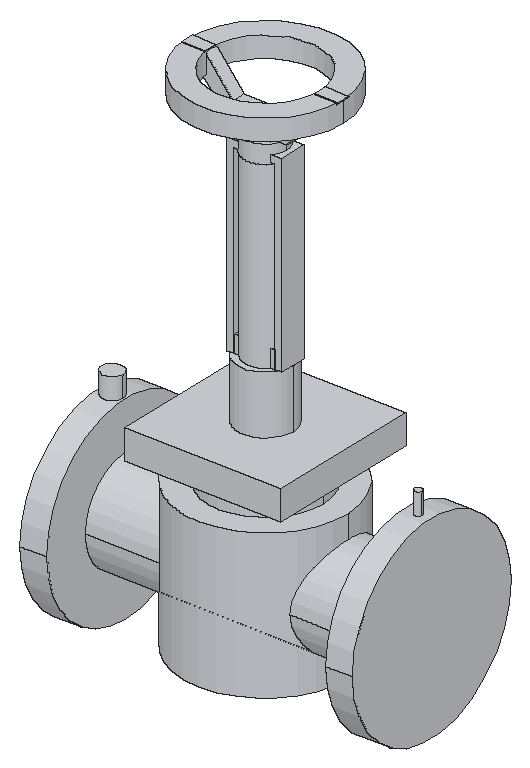
Revit family "Sigma_Compact_DN150-HF_PN16_RFA_2019", category Pipe Accessories, Revit 2019
Family settings
  Round Connector Dimension = Use Diameter
  Part Type = Valve - Breaks Into
  Work Plane-Based = No
  Always vertical = Yes
  Cut with Voids When Loaded = No
  Shared = No
Parameters (values of type "Sigma Compact DN 150 HF PN16")
  magiProductId = "2e5d0064e2dd45fa818d7fb779c9a5"
  magiProductFamilyId = "01495da7eb234de3883c6bc9c8853e"
  magiPartTypeId = 304
  isMeasuringValve [instance] = no
  ang2D [instance] = 0.00°
  W2D = 50 mm
  VersionID = "2.0/2018.12.13.2/FRESE_SIGMA_C_BIG_Q13_001"
  Use Minimum Symbol Size [instance] = no
  URL = "www.hydronix.cz"
  Type Comments = "přírubový; PN16; max dp=800kPa; 0~+110°C; max uzavírací tlak 1MPa"
  R4 = 84 mm
  R3 = 74.1 mm
  R1 = 120 mm
  QmdConnectorList = "301;D;302;D"
  Productdata [instance] = ""
  Manufacturer = "Hydronix"
  Maintenance Zone Under Depth [instance] = 100 mm
  Maintenance Zone Right Depth [instance] = 100 mm
  Maintenance Zone Over Depth [instance] = 100 mm
  Maintenance Zone Left Depth [instance] = 100 mm
  Maintenance Zone Front Depth [instance] = 100 mm
  Maintenance Zone Back Depth [instance] = 100 mm
  Maintenance Zone Front Visibility [instance] = no
  MC Use Limits From Balancing Method = no
  MC Throttling Minimum Value = 0
  MC Throttling Maximum Value = 0
  MC Product Code = "53-2415 DN150; PN16; (32000-195000 l/h); kvs=242"
  MC Pressure Drop Minimum Value = 0.0 Pa
  MC Pressure Drop Maximum Value = 0.0 Pa
  MC Piping Given Pressure Drop [instance] = 0.0 Pa
  LF__ve = -LF  # -38.4 mm
  LF2 = 19.2 mm
  LF = 38.4 mm
  L432 = 39.48 mm
  L43 = 78.96 mm
  L42 = 112.8 mm
  L4 = 225.6 mm
  L3 = 403.2 mm
  L2D_Min = 30.48 mm
  L2D = 230 mm
  L2 = 240 mm
  HH12 = 13 mm
  HH1 = 26 mm
  HDF__ve = -HDF  # -391 mm
  HDF = 391 mm
  H6 = 85 mm
  H4 = 42.75 mm
  H3 = 35.625 mm
  H2 = 106.875 mm
  H11 = 213.75 mm
  H1 = 782 mm
  H = 676 mm
  Description = "Automatický vyvažovací ventil"
  DF2 = 142.5 mm
  D = 150 mm
  Clearance Zone Height Depth [instance] = 100 mm
  Clearance Zone Circular Radius [instance] = 240 mm
  Clearance Zone Visibility [instance] = no
  CAT0 = yes
Types (9, lengths in mm): name | magiProductId | Type Comments | R4 | R3 | R1 | MC Product Code | LF__ve | LF2 | LF | L432 | L43 | L42 | L4 | L3 | L2 | HH12 | HH1 | HDF__ve | HDF | H4 | H3 | H2 | H11 | H1 | H | DF2 | D | Clearance Zone Circular Radius
  Sigma Compact DN 050 HF PN16 | "68e8ec0e285d475ea5c3f8787337ca" | "přírubový; PN16; max dp=800kPa; 0~+120°C; max uzavírací tlak 1MPa" | 40.25 | 42.9 | 57.5 | "53-2410 DN50; PN16; (3920-24000 l/h); kvs=34" | -18.4 | 9.2 | 18.4 | 18.917 | 37.835 | 54.05 | 108.1 | 193.2 | 115 | 16.5 | 33 | -202 | 202 | 24.75 | 20.625 | 61.875 | 123.75 | 480 | 367 | 82.5 | 50 | 115
  Sigma Compact DN 065 HF PN16 | "93d22af618bf47d6be13ef3bd41a97" | "přírubový; PN16; max dp=800kPa; 0~+120°C; max uzavírací tlak 1MPa" | 50.75 | 48.1 | 72.5 | "53-2411 DN65; PN16; (5950-35000 l/h); kvs=47" | -23.2 | 11.6 | 23.2 | 23.853 | 47.705 | 68.15 | 136.3 | 243.6 | 145 | 16.5 | 33 | -199 | 199 | 27.75 | 23.125 | 69.375 | 138.75 | 497 | 384 | 92.5 | 65 | 145
  Sigma Compact DN 080 HF PN16 | "30d16928369c437789493110503824" | "přírubový; PN16; max dp=800kPa; 0~+120°C; max uzavírací tlak 1MPa" | 54.25 | 52 | 77.5 | "53-2412 DN80; PN16; (7020-43000 l/h); kvs=61" | -24.8 | 12.4 | 24.8 | 25.497 | 50.995 | 72.85 | 145.7 | 260.4 | 155 | 16.5 | 33 | -213 | 213 | 30 | 25 | 75 | 150 | 526 | 413 | 100 | 80 | 155
  Sigma Compact DN 100 HF PN16 | "cbc2fc0a341c4a2b87b0bcbf79c376" | "přírubový; PN16; max dp=800kPa; 0~+120°C; max uzavírací tlak 1MPa" | 61.25 | 61.1 | 87.5 | "53-2413 DN100; PN16; (14800-90000 l/h); kvs=104" | -28 | 14 | 28 | 28.788 | 57.575 | 82.25 | 164.5 | 294 | 175 | 34 | 68 | -331 | 331 | 35.25 | 29.375 | 88.125 | 176.25 | 714 | 566 | 117.5 | 100 | 175
  Sigma Compact DN 125 HF PN16 | "02452206f7594718b3d97e4e693144" | "přírubový; PN16; max dp=800kPa; 0~+120°C; max uzavírací tlak 1MPa" | 70 | 70.2 | 100 | "53-2414 DN125; PN16; (23000-135000 l/h); kvs=185" | -32 | 16 | 32 | 32.9 | 65.8 | 94 | 188 | 336 | 200 | 36.5 | 73 | -338 | 338 | 40.5 | 33.75 | 101.25 | 202.5 | 761 | 608 | 135 | 125 | 200
  Sigma Compact DN 150 HF PN16 | "2e5d0064e2dd45fa818d7fb779c9a5" | "přírubový; PN16; max dp=800kPa; 0~+110°C; max uzavírací tlak 1MPa" | 84 | 74.1 | 120 | "53-2415 DN150; PN16; (32000-195000 l/h); kvs=242" | -38.4 | 19.2 | 38.4 | 39.48 | 78.96 | 112.8 | 225.6 | 403.2 | 240 | 13 | 26 | -391 | 391 | 42.75 | 35.625 | 106.875 | 213.75 | 782 | 676 | 142.5 | 150 | 240
  Sigma Compact DN 200 HF PN16 | "9690c155034b41f3a54554dedb5edf" | "přírubový; PN16; max dp=800kPa; 0~+110°C; max uzavírací tlak 1MPa" | 105 | 98.8 | 150 | "53-2416 DN200; PN16; (130000-280000 l/h); kvs=317" | -48 | 24 | 48 | 49.35 | 98.7 | 141 | 282 | 504 | 300 | 29.5 | 59 | -334 | 334 | 57 | 47.5 | 142.5 | 285 | 853 | 714 | 190 | 200 | 300
  Sigma Compact DN 250 HF PN16 | "baee3668eb0d4f168225ec1ed946f7" | "přírubový; PN16; max dp=800kPa; 0~+110°C; max uzavírací tlak 1MPa" | 127.75 | 115.44 | 182.5 | "53-2417 DN250; PN16; (245000-600000 l/h); kvs=717" | -58.4 | 29.2 | 58.4 | 60.042 | 120.085 | 171.55 | 343.1 | 613.2 | 365 | 29 | 58 | -462 | 462 | 66.6 | 55.5 | 166.5 | 333 | 1044 | 906 | 222 | 250 | 365
  Sigma Compact DN 300 HF PN16 | "f903017b03a74a7ebca8b59c0516bf" | "přírubový; PN16; max dp=800kPa; 0~+110°C; max uzavírací tlak 1MPa" | 148.75 | 135.2 | 212.5 | "53-2418 DN300; PN16; (245000-600000 l/h); kvs=717" | -68 | 34 | 68 | 69.912 | 139.825 | 199.75 | 399.5 | 714 | 425 | 29 | 58 | -424 | 424 | 78 | 65 | 195 | 390 | 1082 | 944 | 260 | 300 | 425
Reference planes
  plane 1 "Center (Front/Back)": y = 0
  plane 2 "XYPLANE": z = 0
  plane 3 "Center (Left/Right)": x = 0
  plane 4 "298": y = -242.5
  plane 5 "297": y = 242.5
  plane 6 "296": y = -142.5
  plane 7 "295": y = 142.5
  plane 8 "294": z = -242.5
  plane 9 "293": z = 739.5
  plane 10 "292": x = -340
  plane 11 "291": x = 340
  plane 12 "290": z = 739.5
  plane 13 "256": y = -20
  plane 14 "254": z = 536.5
  plane 15 "253": z = 546.5
  plane 16 "252": x = -40
  plane 17 "251": x = -30
  plane 18 "250": x = 40
  plane 19 "249": x = 30
  plane 20 "247": z = 270.25
  plane 21 "244": z = 533.5
  plane 22 "243": x = 112.8
  plane 23 "242": x = 78.96
  plane 24 "241": x = 39.48
  plane 25 "240": y = -10
  plane 26 "238": x = -39.48
  plane 27 "237": x = -78.96
  plane 28 "236": z = 559.5
  plane 29 "235": z = 589.5
  plane 30 "234": x = -112.8
  plane 31 "225": z = 639.5
  plane 32 "224": z = -142.5
  plane 33 "157": x = 220.8
  plane 34 "156": x = -220.8
  plane 35 "155": z = 142.5
  plane 36 "154": z = 185.25
  plane 37 "153": z = 142.5
  plane 38 "152": z = 106.875
  plane 39 "151": x = -201.6
  plane 40 "150": z = -106.875
  plane 41 "149": x = 0
  plane 42 "148": y = 0
  plane 43 "147": z = 0
  plane 44 "146": x = -240
  plane 45 "145": x = 240
Forms (mm)
  Blend 1, solid, visible <- "Maintenance Zone Front Visibility"
    base sketch origin (-750, 0, 739.5) x (1, 0, 0) y (0, 1, 0)
      loop
        line (410, 242.5) -> (410, -242.5) -> (1090, -242.5) -> (1090, 242.5) -> (410, 242.5)
    top sketch origin (-750, 0, 739.5) x (1, 0, 0) y (0, 1, 0)
      loop
        line (410, 242.5) -> (410, -242.5) -> (1090, -242.5) -> (1090, 242.5) -> (410, 242.5)
    from 0 to -982
  Blend 2, solid, visible <- "Clearance Zone Visibility"
    base sketch origin (-750, 0, 0) x (1, 0, 0) y (0, 1, 0)
      loop
        circle (750, 0) r 240
    top sketch origin (-750, 0, 0) x (1, 0, 0) y (0, 1, 0)
      loop
        circle (750, 0) r 240
    from 0 to 739.5
  Extrusion 3, solid
    sketch origin (-750, 0, 533.5) x (1, 0, 0) y (0, 1, 0)
      loop
        circle (750, 0) r 30.562
    from 0 to -391 <- "HDF__ve"
  Extrusion 4, solid
    sketch origin (-750, 0, 270.25) x (1, 0, 0) y (0, 1, 0)
      loop
        line (780, 20) -> (720, 20) -> (720, -20) -> (780, -20) -> (780, 20)
    from 0 to 25
  Extrusion 5, solid
    sketch origin (750, -20, 0) x (-1, 0, 0) y (0, 0, 1)
      loop
        line (790, 270.25) -> (790, 546.5) -> (710, 546.5) -> (710, 270.25) -> (720, 270.25) -> (720, 536.5) -> (780, 536.5) -> (780, 270.25) -> (790, 270.25)
    from 0 to 40
  Extrusion 6, solid
    sketch origin (-750, 0, 270.25) x (1, 0, 0) y (0, 1, 0)
      loop
        circle (750, 0) r 25
    from 0 to 30
  Extrusion 7, solid
    sketch origin (750, -10, 0) x (-1, 0, 0) y (0, 0, 1)
      loop
        line (828.96, 639.5) -> (789.48, 589.5) -> (750, 589.5) -> (750, 559.5) -> (789.48, 559.5) -> (862.8, 639.5) -> (828.96, 639.5)
    from 0 to 20
  Extrusion 8, solid
    sketch origin (750, -10, 0) x (-1, 0, 0) y (0, 0, 1)
      loop
        line (671.04, 639.5) -> (637.2, 639.5) -> (710.52, 559.5) -> (750, 559.5) -> (750, 589.5) -> (710.52, 589.5) -> (671.04, 639.5)
    from 0 to 20
  Extrusion 9, solid
    sketch origin (-750, 0, 533.5) x (1, 0, 0) y (0, 1, 0)
      loop
        circle (750, 0) r 30.562
    from 0 to 26 <- "HH1"
  Extrusion 10, solid
    sketch origin (-750, 0, 639.5) x (1, 0, 0) y (0, 1, 0)
      loop
        circle (750, 0) r 112.8
      loop
        circle (750, 0) r 78.96
    from 0 to -30
  Extrusion 11, solid, visible <- "CAT0"
    sketch origin (-750, 0, 142.5) x (1, 0, 0) y (0, 1, 0)
      loop
        circle (970.8, 0) r 5.5
    from 0 to 30
  Extrusion 12, solid, visible <- "CAT0"
    sketch origin (-750, 0, 142.5) x (1, 0, 0) y (0, 1, 0)
      loop
        circle (529.2, 0) r 15.5
    from 0 to 30
  Extrusion 13, solid, visible <- "CAT0"
    sketch origin (-750, 0, 185.25) x (1, 0, 0) y (0, 1, 0)
      loop
        circle (750, 0) r 40.562
    from 0 to 85 <- "H6"
  Extrusion 14, solid, visible <- "CAT0"
    sketch origin (-750, 0, 142.5) x (1, 0, 0) y (0, 1, 0)
      loop
        line (862.8, 112.8) -> (637.2, 112.8) -> (637.2, -112.8) -> (862.8, -112.8) -> (862.8, 112.8)
    from 0 to 42.75 <- "H4"
  Extrusion 15, solid, visible <- "CAT0"
    sketch origin (-750, 0, 106.875) x (1, 0, 0) y (0, 1, 0)
      loop
        circle (750, 0) r 84
    from 0 to 35.625 <- "H3"
  Extrusion 16, solid, visible <- "CAT0"
    sketch origin (-201.6, -750, 0) x (0, 1, 0) y (0, 0, 1)
      loop
        circle (750, 0) r 74.1
    from 0 to 403.2 <- "L3"
  Extrusion 17, solid, visible <- "CAT0"
    sketch origin (-750, 0, -106.875) x (1, 0, 0) y (0, 1, 0)
      loop
        circle (750, 0) r 120
    from 0 to 213.75 <- "H11"
  Extrusion 18, solid, visible <- "CAT0"
    sketch origin (-240, -750, 0) x (0, 1, 0) y (0, 0, 1)
      loop
        circle (750, 0) r 142.5
    from 0 to 38.4 <- "LF"
  Extrusion 19, solid, visible <- "CAT0"
    sketch origin (240, -750, 0) x (0, 1, 0) y (0, 0, 1)
      loop
        circle (750, 0) r 142.5
    from 0 to -38.4 <- "LF__ve"
  Extrusion 20, solid, not visible
    sketch origin (-240, -750, 0) x (0, 1, 0) y (0, 0, 1)
      loop
        circle (750, 0) r 10
    from 0 to 10
  Extrusion 21, solid, not visible
    sketch origin (240, -750, 0) x (0, 1, 0) y (0, 0, 1)
      loop
        circle (750, 0) r 10
    from 0 to -10
Lines and regions (mm)
  reference lines, not visible
    curve 1: circle (2, 2, 0) r 1 normal (0, 0, 1)
  reference lines
    curve 2: circle (0, 0, 142.5) r 1 normal (0, 0, 1)
Dimensions and locks
  plane 1 "Center (Front/Back)" to curve 1 = 2 mm
  "Maintenance Zone Front Depth": plane 6 "296" to plane 4 "298"
  "Maintenance Zone Back Depth": plane 7 "295" to plane 5 "297"
  "DF2": plane 42 "148" to plane 6 "296"
  "DF2": plane 42 "148" to plane 7 "295"
  "Maintenance Zone Under Depth": plane 32 "224" to plane 8 "294"
  "Maintenance Zone Over Depth": plane 31 "225" to plane 9 "293"
  "Maintenance Zone Left Depth": plane 44 "146" to plane 10 "292"
  "Maintenance Zone Right Depth": plane 45 "145" to plane 11 "291"
  "Clearance Zone Height Depth": plane 31 "225" to plane 12 "290"
  locked: plane 25 "240" to plane 13 "256" at 10
  locked: plane 15 "253" to plane 14 "254" at 10
  "HH12": plane 21 "244" to plane 15 "253"
  locked: plane 17 "251" to plane 16 "252" at 10
  locked: plane 41 "149" to plane 17 "251" at 30
  locked: plane 19 "249" to plane 18 "250" at 10
  locked: plane 41 "149" to plane 19 "249" at 30
  "H6": plane 36 "154" to plane 20 "247"
  "H": plane 32 "224" to plane 21 "244"
  "L42": plane 41 "149" to plane 22 "243"
  "L43": plane 41 "149" to plane 23 "242"
  "L432": plane 41 "149" to plane 24 "241"
  locked: plane 42 "148" to plane 25 "240" at 10
  "L432": plane 41 "149" to plane 26 "238"
  "L43": plane 41 "149" to plane 27 "237"
  locked: plane 29 "235" to plane 28 "236" at 30
  locked: plane 31 "225" to plane 29 "235" at 50
  "L42": plane 41 "149" to plane 30 "234"
  "H1": plane 32 "224" to plane 31 "225"
  "DF2": plane 2 "XYPLANE" to plane 32 "224"
  "LF2": plane 45 "145" to plane 33 "157"
  "LF2": plane 44 "146" to plane 34 "156"
  "DF2": plane 2 "XYPLANE" to plane 35 "155"
  "H4": plane 37 "153" to plane 36 "154"
  "H3": plane 38 "152" to plane 37 "153"
  "H11": plane 40 "150" to plane 38 "152"
  "LF": plane 44 "146" to plane 39 "151"
  "H2": plane 2 "XYPLANE" to plane 40 "150"
  locked: plane 3 "Center (Left/Right)" to plane 41 "149"
  locked: plane 1 "Center (Front/Back)" to plane 42 "148"
  locked: plane 2 "XYPLANE" to plane 43 "147"
  "L2": plane 3 "Center (Left/Right)" to plane 44 "146"
  "L2": plane 3 "Center (Left/Right)" to plane 45 "145"
  Blend 1 sketch curve to Blend 1 sketch curve = 0 mm  (x16)
  Extrusion 4 sketch curve to Extrusion 4 sketch curve = 0 mm  (x8)
  Extrusion 5 sketch curve to Extrusion 5 sketch curve = 0 mm  (x16)
  Extrusion 7 sketch curve to Extrusion 7 sketch curve = 0 mm  (x12)
  Extrusion 8 sketch curve to Extrusion 8 sketch curve = 0 mm  (x12)
  equal spacing: Extrusion 14 sketch curve, curve 2, Extrusion 14 sketch curve  (x2)
  "L4": Extrusion 14 sketch curve to Extrusion 14 sketch curve  (x2)
  Extrusion 14 sketch curve to Extrusion 14 sketch curve = 0 mm  (x8)
  "Clearance Zone Circular Radius": radius of Blend 2 sketch curve  (x2)
  "L42": radius of Extrusion 10 sketch curve
  "L43": radius of Extrusion 10 sketch curve
  "R4": radius of Extrusion 15 sketch curve
  "R3": radius of Extrusion 16 sketch curve
  "R1": radius of Extrusion 17 sketch curve
  "DF2": radius of Extrusion 18 sketch curve
  "DF2": radius of Extrusion 19 sketch curve
  aligned and locked: level to plane 2 "XYPLANE"
  aligned and locked: Blend 1 sketch curve to plane 5 "297"  (x2)
  aligned and locked: plane 10 "292" to Blend 1 sketch curve  (x4)
  aligned and locked: plane 11 "291" to Blend 1 sketch curve  (x4)
  aligned and locked: plane 5 "297" to Blend 1 sketch curve  (x2)
  aligned and locked: plane 4 "298" to Blend 1 sketch curve  (x4)
  aligned and locked: Blend 1 to plane 8 "294"
  aligned and locked: plane 41 "149" to Blend 2 sketch curve  (x2)
  aligned and locked: plane 42 "148" to Blend 2 sketch curve  (x2)
  aligned and locked: plane 12 "290" to Blend 2
  aligned and locked: plane 41 "149" to Extrusion 3 sketch curve
  aligned and locked: plane 42 "148" to Extrusion 3 sketch curve
  aligned and locked: Extrusion 5 sketch curve to plane 16 "252"
  aligned and locked: plane 20 "247" to Extrusion 5 sketch curve  (x4)
  aligned and locked: plane 15 "253" to Extrusion 5 sketch curve  (x2)
  aligned and locked: plane 16 "252" to Extrusion 5 sketch curve
  aligned and locked: plane 18 "250" to Extrusion 5 sketch curve  (x2)
  aligned and locked: plane 19 "249" to Extrusion 5 sketch curve  (x2)
  aligned and locked: plane 14 "254" to Extrusion 5 sketch curve  (x2)
  aligned and locked: plane 17 "251" to Extrusion 5 sketch curve  (x2)
  aligned and locked: plane 41 "149" to Extrusion 6 sketch curve
  aligned and locked: plane 42 "148" to Extrusion 6 sketch curve
  aligned and locked: plane 27 "237" to Extrusion 7 sketch curve
  aligned and locked: plane 31 "225" to Extrusion 7 sketch curve  (x2)
  aligned and locked: plane 26 "238" to Extrusion 7 sketch curve  (x2)
  aligned and locked: plane 29 "235" to Extrusion 7 sketch curve  (x2)
  aligned and locked: plane 41 "149" to Extrusion 7 sketch curve  (x2)
  aligned and locked: plane 28 "236" to Extrusion 7 sketch curve  (x2)
  aligned and locked: plane 30 "234" to Extrusion 7 sketch curve
  aligned and locked: plane 23 "242" to Extrusion 8 sketch curve
  aligned and locked: plane 31 "225" to Extrusion 8 sketch curve  (x2)
  aligned and locked: plane 24 "241" to Extrusion 8 sketch curve  (x2)
  aligned and locked: plane 29 "235" to Extrusion 8 sketch curve  (x2)
  aligned and locked: plane 41 "149" to Extrusion 8 sketch curve  (x2)
  aligned and locked: plane 28 "236" to Extrusion 8 sketch curve  (x2)
  aligned and locked: plane 22 "243" to Extrusion 8 sketch curve
  aligned and locked: plane 41 "149" to Extrusion 9 sketch curve
  aligned and locked: plane 42 "148" to Extrusion 9 sketch curve
  aligned and locked: plane 41 "149" to Extrusion 10 sketch curve  (x2)
  aligned and locked: plane 42 "148" to Extrusion 10 sketch curve  (x2)
  aligned and locked: plane 33 "157" to Extrusion 11 sketch curve
  aligned and locked: plane 42 "148" to Extrusion 11 sketch curve
  aligned and locked: plane 34 "156" to Extrusion 12 sketch curve
  aligned and locked: plane 42 "148" to Extrusion 12 sketch curve
  aligned and locked: plane 41 "149" to Extrusion 13 sketch curve
  aligned and locked: plane 42 "148" to Extrusion 13 sketch curve
  aligned and locked: plane 41 "149" to curve 2
  aligned and locked: plane 42 "148" to curve 2
  aligned and locked: plane 41 "149" to Extrusion 15 sketch curve
  aligned and locked: plane 42 "148" to Extrusion 15 sketch curve
  aligned and locked: Extrusion 16 sketch curve to plane 42 "148"
  aligned and locked: plane 43 "147" to Extrusion 16 sketch curve
  aligned and locked: plane 41 "149" to Extrusion 17 sketch curve
  aligned and locked: plane 42 "148" to Extrusion 17 sketch curve
  aligned and locked: Extrusion 18 sketch curve to plane 42 "148"
  aligned and locked: plane 43 "147" to Extrusion 18 sketch curve
  aligned and locked: Extrusion 19 sketch curve to plane 42 "148"
  aligned and locked: plane 43 "147" to Extrusion 19 sketch curve
  aligned and locked: Extrusion 20 sketch curve to plane 42 "148"
  aligned and locked: plane 43 "147" to Extrusion 20 sketch curve
  aligned and locked: Extrusion 21 sketch curve to plane 42 "148"
  aligned and locked: plane 43 "147" to Extrusion 21 sketch curve
Automatic sketch dimensions
  plane 26 "238" to Extrusion 3 sketch curve = 8.917 mm
  Extrusion 4 sketch curve to plane 17 "251" = 0 mm
  Extrusion 4 sketch curve to plane 13 "256" = 0 mm
  Extrusion 4 sketch curve to plane 19 "249" = 0 mm
  Extrusion 4 sketch curve to plane 1 "Center (Front/Back)" = 20 mm
  plane 17 "251" to Extrusion 6 sketch curve = 5 mm
  plane 26 "238" to Extrusion 9 sketch curve = 8.917 mm
  Extrusion 11 sketch curve to plane 33 "157" = 5.5 mm
  plane 44 "146" to Extrusion 12 sketch curve = 3.7 mm
  Extrusion 13 sketch curve to plane 26 "238" = 1.083 mm
  Extrusion 20 sketch curve to plane 25 "240" = 0 mm
  Extrusion 21 sketch curve to plane 25 "240" = 0 mm
  plane 3 "Center (Left/Right)" to curve 1 = 2 mm
  Extrusion 14 sketch curve to plane 30 "234" = 0 mm
  plane 6 "296" to Extrusion 14 sketch curve = 29.7 mm
  radius of curve 2 = 1 mm
  radius of curve 1 = 1 mm
Connectors
  piping at (-240, 0, 0), diameter 150, driven by "D"
    settings: on Extrusion 20, index 1, connector inside diameter 609.6 mm, connector length 0 mm, flow factor 0, pipe flow 0.0 L/s, pressure drop 0.0 Pa, fitting loss kfactor 0, connector angle 0.00°, fixture units 0, engagement length 0 mm, angle of deflection 0.00°, flow configuration 0, flow direction 0, fitting loss method 0, system type 29, joint type 0, gender type 0, connector reference index 2, connector utility 0, adjustable connector no, is connector primary yes, connector description ""
  piping at (240, 0, 0), diameter 150, driven by "D"
    settings: on Extrusion 21, index 2, connector inside diameter 609.6 mm, connector length 0 mm, flow factor 0, pipe flow 0.0 L/s, pressure drop 0.0 Pa, fitting loss kfactor 0, connector angle 0.00°, fixture units 0, engagement length 0 mm, angle of deflection 0.00°, flow configuration 0, flow direction 0, fitting loss method 0, system type 29, joint type 0, gender type 0, connector reference index 1, connector utility 0, adjustable connector no, is connector primary no, connector description ""
